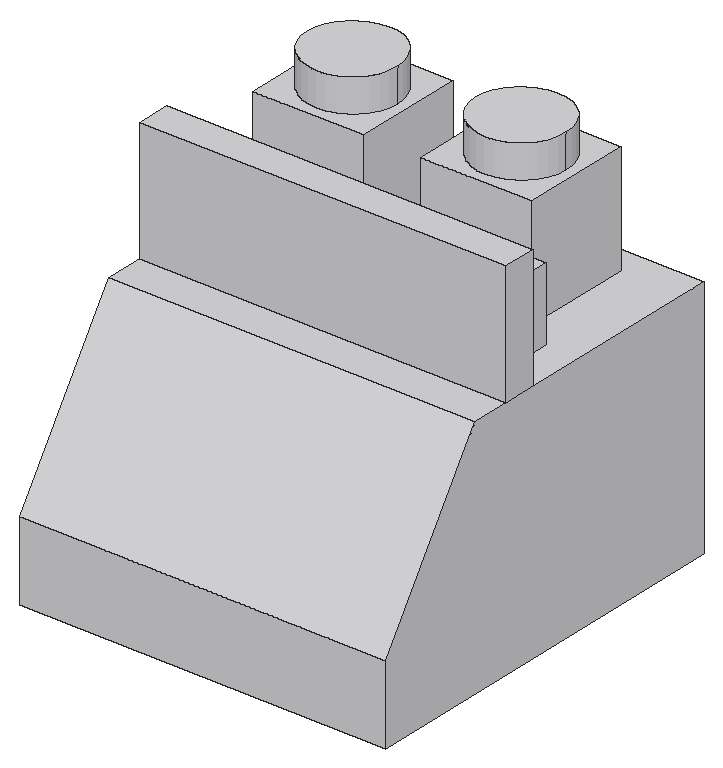
Revit family "レンジフードファン(ブース形同時給排気タイプ)", category 機械設備, Revit 2019
Family settings
  丸型コネクタ寸法 = 直径を使用
  パーツ タイプ = 標準
  OmniClass 番号 = 23.75.10.34.21
  OmniClass タイトル = Heat Exchangers for Ventilation Air
  作業面ベース = いいえ
  常に垂直 = はい
  ロード時にボイドで切り取り = いいえ
  共有 = いいえ
  部屋計算ポイント = いいえ
Parameters (values of type "V-604KQH8")
  騒音レベル(dB(A)) = 48.5
  風量 = 625.0 m³/h
  電源種別 [instance] = ""
  電圧 = 100 V
  電動機出力 = 0 W
  電動機_種別 = ""
  集中コントローラ = ""
  運転質量 = 0.00 kg
  連動 [instance] = ""
  質量 = if(製品質量 > 運転質量, 製品質量, 運転質量) * 1.2  # 36.00 kg
  負荷分類 = 3_ファン類
  説明 = "レンジフードファン 深形 強制給排気タイプ"
  設計風量 = 0.0 m³/h
  設置方法 = "天吊"
  記号 [instance] = ""
  製造元 = "三菱電機株式会社"
  製品質量 = 30.00 kg
  製品出荷対象 = "国内"
  製品リリース年月 = "2022年6月1日"
  製品グループ = ""
  系統 [instance] = ""
  符号 = if(☑給気／□排気, "FS", "FE")  # "FE"
  積算_科目 = "2 換気設備"
  積算_拾い区分 [instance] = ""
  相 = 1
  盤記号 [instance] = ""
  発停方法 [instance] = ""
  特殊仕様 [instance] = ""
  火災停止 [instance] = ""
  消費電力 = 180 W
  法定耐用年数 = "15"
  機外静圧_排気 = 210.0 Pa
  機外静圧 = 0.0 Pa
  極数 = 2
  材質 [instance] = ""
  操作・制御方式 = ""
  操作・制御スイッチ = ""
  排気量 = 0.0 m³/h
  形式 = "片吸込形"
  幹線記号 [instance] = ""
  対象室 [instance] = ""
  実風量 = 0.0 m³/h
  始動方式 [instance] = "直入"
  天吊用穴_径 = 25 mm
  天吊用穴_ピッチ2 = 221 mm
  天吊用穴_ピッチ1 = 238 mm
  天吊用穴_Height = 120 mm
  天吊用穴_D = 280 mm
  外気量 = 0.0 m³/h
  呼称 = "遠心送風機"
  周波数 = 50 Hz
  参照している仕様書等のバージョン = ""
  分類コード = "50052503100060"
  分類グループ = ""
  価格 = 208700
  企業コード = "108420"
  付属品_フィルター_還気 = ""
  付属品_フィルター = ""
  付属品 [instance] = ""
  仕様書バージョン = "Version1.0"
  モデル = "V-604KQH8"
  マテリアル = 鋼板(シルバー)
  ファンの種類 = ""
  ダクト径 = 150 mm
  コメント [instance] = ""
  Keynote = ""
  Assembly Code = ""
  ☑給気／□排気 = no
  Width = 600 mm
  W1 = Width / 2  # 300 mm
  Version = ""
  Uniclass2015Version = "Systems v1.9"
  Uniclass2015Title = "Centrifugal fans"
  Uniclass2015Code = "Pr_65_67_29_12"
  URL = "https://www.mitsubishielectric.co.jp/ldg/wink/ssl/displayProduct.do?pid=320918"
  SpecificationReference = ""
  SpecificationDescription = ""
  H2 = 600 mm
  Duct_Shutter_Height = 182 mm
  Duct_Shutter_Depth = 182 mm
  SAダクト接続口_後部 = not(SAダクト接続口_上部)  # no
  SAサイズ_D = 148 mm
  Revision = ""
  ProductInformation = ""
  OmniClassCode = "23-33 31 19 13 15"
  EAダクト接続口_後部 = not(EAダクト接続口_上部)  # no
  MIN風量 = 205.0 m³/h
  MIN静圧 = 0.0 Pa
  MID風量 = 350.0 m³/h
  MID静圧 = 0.0 Pa
  MAX風量 = 625.0 m³/h
  MAX静圧 = 0.0 Pa
  IfcTypeProduct = ""
  IfcProduct = ""
  IfcExportType = "CENTRIFUGALFORWARDCURVED"
  IfcExportAs = "IfcFanType"
  Height = 400 mm
  H1 = 129 mm
  SAダクト接続口_上部 = yes
  EAダクト接続口_上部 = yes
  EAサイズ_D = 148 mm
  Duct_Shutter_Width = 182 mm
  Duct_SA_W = 109 mm
  Duct_Height = 55 mm
  Duct_EA_W = 167 mm
  Duct_D = 135 mm
  Duct_H = 91 mm
  Depth = 650 mm
  D3 = 55 mm
  D2 = 405 mm
  D1 = 469 mm
  Clearance Top = 0 mm
  Clearance Right = 0 mm
  Clearance Left = 0 mm
  Clearance Front = 0 mm
  Clearance Bottom = 0 mm
  Clearance Back = 0 mm
  Author = "三菱電機株式会社"
Types (2, lengths in mm): name | 騒音レベル(dB(A)) | 風量 | 質量 | 製品質量 | 消費電力 | 価格 | モデル | URL | MIN風量 | MID風量 | MAX風量
  V-604KQH8 | 48.5 | 625.0 m³/h | 36.00 kg | 30.00 kg | 180 W | 208700 | "V-604KQH8" | "https://www.mitsubishielectric.co.jp/ldg/wink/ssl/displayProduct.do?pid=320918" | 205.0 m³/h | 350.0 m³/h | 625.0 m³/h
  V-604KCQ8 | 49 | 660.0 m³/h | 31.20 kg | 26.00 kg | 175 W | 178900 | "V-604KCQ8" | "https://www.mitsubishielectric.co.jp/ldg/wink/ssl/displayProduct.do?pid=320911" | 255.0 m³/h | 380.0 m³/h | 660.0 m³/h
Reference planes
  plane 1 "中心(正面/背面)": y = 0
  plane 2: z = 0
  plane 3 "中心(左/右)": x = 0
  plane 4: x = -300
  plane 5: x = 300
  plane 6: y = -650
  plane 7: z = -400
  plane 8: z = -271
  plane 9: z = 182
  plane 10: y = -325
  plane 11: y = -469
  plane 12: y = -135
  plane 13: z = 200
  plane 14: y = -350
  plane 15: y = -405
  plane 16: x = 109
  plane 17: x = -167
  plane 18: x = 18
  plane 19: x = 200
  plane 20: x = -258
  plane 21: x = -76
  plane 22: y = -44
  plane 23: y = -226
  plane 24: z = 237
  plane 25: z = 91
  plane 26: y = 11
  plane 27: x = -238
  plane 28: x = 221
  plane 29: y = -280
  plane 30: z = 120
  plane 31: z = 117
  plane 32: x = -150
  plane 33: x = 150
Forms (mm)
  Extrusion 1, solid, material "鋼板(シルバー)" <- "マテリアル", detail levels fine
    sketch origin (0, 0, 0) x (1, 0, 0) y (0, 1, 0)
      loop
        line (-300, 0) -> (-300, -469) -> (300, -469) -> (300, 0) -> (-300, 0)
    from -400 to 0
  Blend 2, solid, material "鋼板(シルバー)" <- "マテリアル", detail levels fine
    base sketch origin (0, 0, 0) x (1, 0, 0) y (0, 0, 1)
      loop
        line (-300, -400) -> (300, -400) -> (300, 0) -> (-300, 0) -> (-300, -400)
    top sketch origin (0, 0, 0) x (1, 0, 0) y (0, 0, 1)
      loop
        line (-300, -400) -> (300, -400) -> (300, -271) -> (-300, -271) -> (-300, -400)
    from 469 to 650
  Extrusion 3, solid, material "鋼板(シルバー)" <- "マテリアル", visible <- "EAダクト接続口_上部", detail levels fine
    sketch origin (0, 0, 0) x (1, 0, 0) y (0, 1, 0)
      loop
        circle (-167, -135) r 74
    from 182 to 237
  Extrusion 4, solid, material "鋼板(シルバー)" <- "マテリアル", detail levels fine
    sketch origin (0, 0, 0) x (1, 0, 0) y (0, 1, 0)
      loop
        line (-300, -350) -> (-300, -405) -> (300, -405) -> (300, -350) -> (-300, -350)
    from 0 to 200
  Extrusion 5, solid, material "鋼板(シルバー)" <- "マテリアル", visible <- "SAダクト接続口_上部", detail levels fine
    sketch origin (0, 0, 0) x (1, 0, 0) y (0, 1, 0)
      loop
        circle (109, -135) r 74
    from 182 to 237
  Extrusion 6, solid, material "鋼板(シルバー)" <- "マテリアル", detail levels fine
    sketch origin (0, 0, 0) x (1, 0, 0) y (0, 1, 0)
      loop
        line (-258, -44) -> (-258, -226) -> (-76, -226) -> (-76, -44) -> (-258, -44)
      loop
        line (18, -44) -> (18, -226) -> (200, -226) -> (200, -44) -> (18, -44)
    from 0 to 182
  Extrusion 7, solid, material "鋼板(シルバー)" <- "マテリアル", visible <- "EAダクト接続口_後部", detail levels fine
    sketch origin (0, 0, 0) x (1, 0, 0) y (0, 0, 1)
      loop
        circle (-167, 91) r 74
    from -11 to 44
  Extrusion 8, solid, material "鋼板(シルバー)" <- "マテリアル", visible <- "SAダクト接続口_後部", detail levels fine
    sketch origin (0, 0, 0) x (1, 0, 0) y (0, 0, 1)
      loop
        circle (109, 91) r 74
    from -11 to 44
  Extrusion 9, solid, material "鋼板(シルバー)" <- "マテリアル"
    sketch origin (0, 0, 0) x (1, 0, 0) y (0, 1, 0)
      loop
        circle (-238, -280) r 12.5
      loop
        circle (221, -280) r 12.5
      loop
        line (-213, -305) -> (-213, -255) -> (-263, -255) -> (-263, -305) -> (-213, -305)
      loop
        line (246, -305) -> (246, -255) -> (196, -255) -> (196, -305) -> (246, -305)
    from 117 to 120
  Extrusion 10, solid, material "鋼板(シルバー)" <- "マテリアル"
    sketch origin (0, 0, 0) x (1, 0, 0) y (0, 1, 0)
      loop
        line (-263, -255) -> (-263, -305) -> (-260, -305) -> (-260, -255) -> (-263, -255)
      loop
        line (246, -255) -> (243, -255) -> (243, -305) -> (246, -305) -> (246, -255)
    from 0 to 117
Cuts and joins
  joined: Extrusion 1, Blend 2
  joined: Extrusion 9, Extrusion 10
Lines and regions (mm)
  Masking region 1, detail levels coarse+medium
    outline origin (1326.5, 29, 0) x (1, 0, 0) y (0, 1, 0)
      loop
        line (-1626.5, -29) -> (-1626.5, -679) -> (-1026.5, -679) -> (-1026.5, -29) -> (-1626.5, -29)
  symbolic lines, detail levels coarse+medium
    curve 1: circle (-150, -325, 0) r 150 normal (0, 0, 1)
    curve 2: circle (150, -325, 0) r 150 normal (0, 0, 1)
Dimensions and locks
  equal spacing: plane 4, plane 3 "中心(左/右)", plane 5
  "Width": plane 4 to plane 5
  equal spacing: plane 6, plane 10, plane 1 "中心(正面/背面)"
  "Depth": plane 1 "中心(正面/背面)" to plane 6
  "D1": plane 1 "中心(正面/背面)" to plane 11
  "Duct_D": plane 1 "中心(正面/背面)" to plane 12
  "Height": level to plane 7
  "Duct_Shutter_Height": plane 9 to level
  "H1": plane 8 to plane 7
  "H2": plane 13 to plane 7
  "D3": plane 14 to plane 15
  "D2": plane 1 "中心(正面/背面)" to plane 15
  "Duct_SA_W": plane 3 "中心(左/右)" to plane 16
  "Duct_EA_W": plane 17 to plane 3 "中心(左/右)"
  "Duct_Shutter_Width": plane 18 to plane 19
  "Duct_Shutter_Width": plane 20 to plane 21
  "Duct_Shutter_Depth": plane 22 to plane 23
  "Duct_Height": plane 24 to plane 9
  "Duct_H": plane 25 to level
  "Duct_Height": plane 26 to plane 22
  "天吊用穴_ピッチ1": plane 27 to plane 3 "中心(左/右)"
  "天吊用穴_ピッチ2": plane 3 "中心(左/右)" to plane 28
  "天吊用穴_D": plane 1 "中心(正面/背面)" to plane 29
  equal spacing: Extrusion 9 sketch curve, plane 27, Extrusion 9 sketch curve
  Extrusion 9 sketch curve to Extrusion 9 sketch curve = 50 mm  (x4)
  equal spacing: Extrusion 9 sketch curve, plane 29, Extrusion 9 sketch curve  (x2)
  equal spacing: Extrusion 9 sketch curve, plane 28, Extrusion 9 sketch curve
  Extrusion 10 sketch curve to Extrusion 9 = 3 mm
  Extrusion 9 to Extrusion 10 sketch curve = 3 mm
  "天吊用穴_Height": plane 30 to level
  locked: plane 30 to plane 31 at 3
  equal spacing: plane 4, plane 32, plane 3 "中心(左/右)"
  equal spacing: plane 3 "中心(左/右)", plane 33, plane 5
  equal spacing: plane 20, plane 17, plane 21
  equal spacing: plane 18, plane 16, plane 19
  equal spacing: plane 22, plane 12, plane 23
  "EAサイズ_D": diameter of Extrusion 3 sketch curve
  "SAサイズ_D": diameter of Extrusion 5 sketch curve
  "EAサイズ_D": diameter of Extrusion 7 sketch curve
  "SAサイズ_D": diameter of Extrusion 8 sketch curve
  "天吊用穴_径": diameter of Extrusion 9 sketch curve  (x2)
  "W1": diameter of curve 1
  "W1": diameter of curve 2
  aligned and locked: level to plane 2
  aligned and locked: Masking region 1 to plane 4
  aligned and locked: plane 5 to Masking region 1
  aligned and locked: Masking region 1 to plane 6
  aligned and locked: Masking region 1 to plane 1 "中心(正面/背面)"
  aligned and locked: plane 1 "中心(正面/背面)" to Extrusion 1 sketch curve
  aligned and locked: plane 4 to Extrusion 1 sketch curve
  aligned and locked: plane 11 to Extrusion 1 sketch curve
  aligned and locked: Extrusion 1 sketch curve to plane 5
  aligned and locked: Blend 2 sketch curve to plane 7  (x2)
  aligned and locked: level to Blend 2 sketch curve
  aligned and locked: Blend 2 sketch curve to plane 5
  aligned and locked: Blend 2 sketch curve to plane 4
  aligned and locked: var sketch to Blend 2 sketch curve
  aligned and locked: Extrusion 1 to plane 7
  aligned and locked: level to Extrusion 1
  aligned and locked: Blend 2 to plane 6
  aligned and locked: plane 11 to Blend 2
  aligned and locked: plane 8 to Blend 2 sketch curve
  aligned and locked: Extrusion 4 sketch curve to plane 14
  aligned and locked: plane 4 to Extrusion 4 sketch curve
  aligned and locked: plane 15 to Extrusion 4 sketch curve
  aligned and locked: Extrusion 4 sketch curve to plane 5
  aligned and locked: plane 13 to Extrusion 4
  aligned and locked: Extrusion 4 to level
  aligned and locked: Extrusion 6 sketch curve to plane 22  (x2)
  aligned and locked: plane 20 to Extrusion 6 sketch curve
  aligned and locked: plane 23 to Extrusion 6 sketch curve  (x2)
  aligned and locked: Extrusion 6 sketch curve to plane 21
  aligned and locked: plane 18 to Extrusion 6 sketch curve
  aligned and locked: Extrusion 6 sketch curve to plane 19
  aligned and locked: plane 24 to Extrusion 3
  aligned and locked: Extrusion 3 to plane 9
  aligned and locked: plane 9 to Extrusion 6
  aligned and locked: Extrusion 6 to level
  aligned and locked: Extrusion 5 to plane 9
  aligned and locked: plane 24 to Extrusion 5
  aligned and locked: plane 26 to Extrusion 7
  aligned and locked: Extrusion 7 to plane 22
  aligned and locked: plane 26 to Extrusion 8
  aligned and locked: Extrusion 8 to plane 22
  aligned and locked: nested 1 to plane 29
  aligned and locked: plane 27 to nested 1
  aligned and locked: plane 28 to nested 1
  aligned and locked: Extrusion 10 sketch curve to Extrusion 9  (x5)
  aligned and locked: Extrusion 9 to Extrusion 10 sketch curve
  aligned and locked: plane 30 to Extrusion 9
  aligned and locked: Extrusion 9 to plane 31
  aligned and locked: plane 31 to Extrusion 10
  aligned and locked: Extrusion 10 to level
Automatic sketch dimensions
  Extrusion 3 sketch curve to plane 12 = 0 mm
  Extrusion 3 sketch curve to plane 17 = 0 mm
  Extrusion 7 sketch curve to plane 17 = 0 mm
  Extrusion 7 sketch curve to plane 25 = 0 mm
  Extrusion 5 sketch curve to plane 12 = 0 mm
  Extrusion 5 sketch curve to plane 16 = 0 mm
  Extrusion 8 sketch curve to plane 16 = 0 mm
  Extrusion 8 sketch curve to plane 25 = 0 mm
  Masking region 1 sketch curve to plane 4 = 0 mm
  Masking region 1 sketch curve to plane 5 = 0 mm
  Masking region 1 sketch curve to plane 6 = 0 mm
  plane 1 "中心(正面/背面)" to Masking region 1 sketch curve = 0 mm
  Blend 2 sketch curve to plane 4 = 0 mm
  curve 1 to plane 10 = 0 mm
  curve 1 to plane 32 = 0 mm
  curve 2 to plane 10 = 0 mm
  curve 2 to plane 33 = 0 mm
  Extrusion 9 sketch curve to plane 27 = 0 mm
  Extrusion 9 sketch curve to plane 28 = 0 mm
  Extrusion 9 sketch curve to plane 29 = 0 mm  (x2)
Nested families
  nested 1: "固定点" at (-238, -280, 120), built-in parameter 1001364 <- "天吊用穴_Height", type "固定点"
    with W 459 mm, D 1000 mm
Connectors
  hvac at (-167, -135, 237), driven by "ダクト径", driven by "機外静圧", driven by "風量"
    settings: on Extrusion 3, index 1, duct flow 625.0 m³/h, flow factor 0, pres drop 0.0 Pa, loss coef 0, conn angle 0.00°, conn width 304.8 mm, conn height 304.8 mm, conn diameter 150 mm, duct sys type 3, conn prof type 0, flow config 0, flow direction 2, loss method 4, conn ref index -1, conn util no, is conn primary yes, conn desc ""
  electrical at (0, -234.5, 0), driven by "極数", driven by "負荷分類", driven by "電圧", driven by "消費電力"
    settings: on cut or joined group of Extrusion 1, Blend 2, index 2, voltage 100 V, apparent load 180 VA, apparent load phase1 0 VA, apparent load phase2 0 VA, apparent load phase3 0 VA, power factor 1, load classification "3_ファン類", number of poles 2, system type 30, power factor state 1, is connector primary yes, connector utility no, sub classification motor no, connector description ""
  hvac at (109, -135, 237), driven by "ダクト径", driven by "機外静圧", driven by "風量"
    settings: on Extrusion 5, index 3, duct flow 625.0 m³/h, flow factor 0, pres drop 0.0 Pa, loss coef 0, conn angle 0.00°, conn width 304.8 mm, conn height 304.8 mm, conn diameter 150 mm, duct sys type 1, conn prof type 0, flow config 0, flow direction 1, loss method 4, conn ref index -1, conn util no, is conn primary no, conn desc ""
  hvac at (109, 11, 91), driven by "機外静圧", driven by "風量", driven by "ダクト径"
    settings: on Extrusion 8, index 4, duct flow 625.0 m³/h, flow factor 0, pres drop 0.0 Pa, loss coef 0, conn angle 0.00°, conn width 304.8 mm, conn height 304.8 mm, conn diameter 150 mm, duct sys type 1, conn prof type 0, flow config 0, flow direction 1, loss method 4, conn ref index -1, conn util no, is conn primary no, conn desc ""
  hvac at (-167, 11, 91), driven by "機外静圧", driven by "風量", driven by "ダクト径"
    settings: on Extrusion 7, index 5, duct flow 625.0 m³/h, flow factor 0, pres drop 0.0 Pa, loss coef 0, conn angle 0.00°, conn width 304.8 mm, conn height 304.8 mm, conn diameter 150 mm, duct sys type 3, conn prof type 0, flow config 0, flow direction 2, loss method 4, conn ref index -1, conn util no, is conn primary no, conn desc ""
Definition of nested family "固定点"
  Parameters (values of type "固定点")
    中心円 = 20 mm
    W [instance] = 1000 mm
    D [instance] = 1000 mm
  Reference planes
    plane 1 "中心(正面/背面)": y = 0
    plane 2: z = 0
    plane 3 "中心(左/右)": x = 0
    plane 4: x = 1000
  Lines and regions (mm)
    symbolic lines, detail levels fine
      curve 1: circle (0, 0, 0) r 10 normal (0, 0, 1)
      curve 2: circle (1000, 0, 0) r 10 normal (0, 0, 1)
      curve 3: line (-200, 0, 0) -> (1200, 0, 0)
      curve 4: line (0, 200, 0) -> (0, -200, 0)
      curve 5: line (1000, 200, 0) -> (1000, -200, 0)
  Dimensions and locks
    "W": plane 3 "中心(左/右)" to plane 4
    "中心円": diameter of curve 1
    "中心円": diameter of curve 2
    aligned and locked: level to plane 2
    aligned and locked: plane 3 "中心(左/右)" to curve 1
    aligned and locked: plane 1 "中心(正面/背面)" to curve 1
    aligned and locked: plane 1 "中心(正面/背面)" to curve 2
    aligned and locked: plane 4 to curve 2
    aligned and locked: plane 1 "中心(正面/背面)" to curve 3
    aligned and locked: curve 4 to plane 3 "中心(左/右)"
    aligned and locked: curve 5 to plane 4
  Automatic sketch dimensions
    curve 3 to plane 3 "中心(左/右)" = 200 mm
    curve 2 to curve 3 = 200 mm
    plane 1 "中心(正面/背面)" to curve 4 = 200 mm
    plane 1 "中心(正面/背面)" to curve 5 = 200 mm
    curve 5 to plane 1 "中心(正面/背面)" = 200 mm
    curve 4 to plane 1 "中心(正面/背面)" = 200 mm
